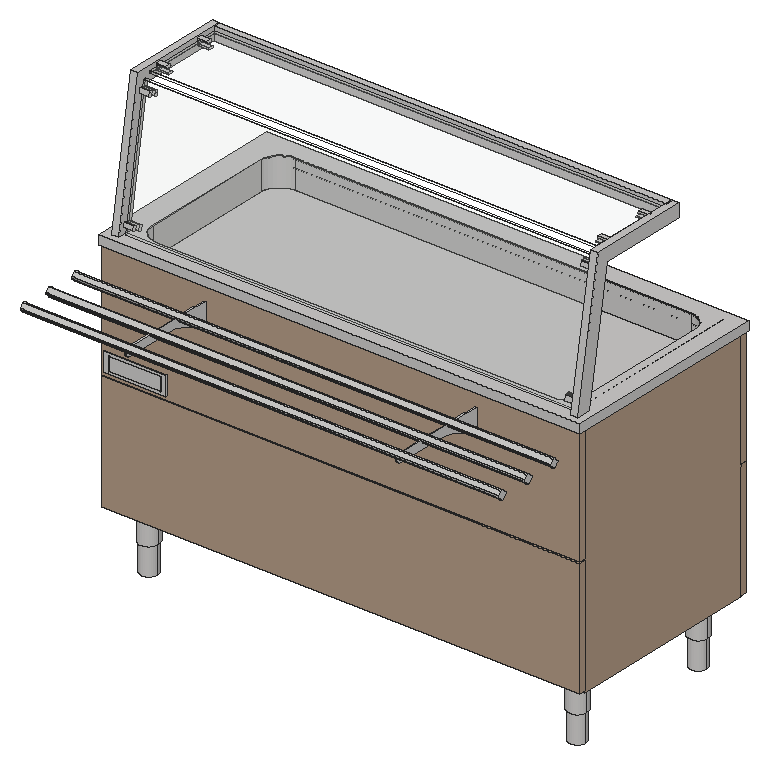
Revit family "QF_ELECTROLUXPROFESSIONAL_322098_F14C4AF01W", category Specialty Equipment, Revit 2018
Family settings
  Round Connector Dimension = Use Diameter
  Part Type = Normal
  Work Plane-Based = No
  Always vertical = Yes
  Cut with Voids When Loaded = No
  Shared = No
  Room Calculation Point = No
Parameters (values of type "Standard")
  Weight = 145.50 kg
  Watts = 0 W
  Volts = 220 V
  URL Manufacturer = "http://professional.electrolux.com"
  URL = "http://professional.electrolux.com"
  Steam Supply Size = 0 mm
  Steam Supply Minimum Pressure = 0.0 Pa
  Steam Supply Maximum Pressure = 0.0 Pa
  Steam Pounds per Hour = 0
  Show Clearance [instance] = yes
  Refrigeration Suction Line Size = 0 mm
  Refrigeration Liquid Line Size = 0 mm
  Refrigerant Compressor Remote = yes
  Manufacturer = "Electrolux Professional"
  Phase = 1
  Model = "F14C4AF01W"
  Length Actual = 1420 mm  # constant formula
  Item Number = "322098"
  Hot Water Size = 0 mm
  Height Actual = 1304 mm  # constant formula
  HP = "0 HP"
  Gas Size = 0 mm
  Gas KW = 0
  Gas Input Pressure = 0 W
  Direct Waste Size = 0 mm
  Description = "REFRIGERATED S/S SURFACE, 4GN H=900MM OVERSHELF W/LED LIGHTS"
  Depth Actual = 915 mm  # constant formula
  Cycle = 50 Hz
  Condensate Return Size = 0 mm
  Compressed Air Volume = 0.0 L/s
  Compressed Air Size = 0 mm
  Compressed Air Pressure = 0.0 Pa
  Cold Water Size = 0 mm
  Accessory = yes
Types (2, lengths in mm): name | URL | Manufacturer | Phase | Model | Description
  (no name) | 0 | 0 | 0 | 0 | 0
  Standard | "http://professional.electrolux.com" | "Electrolux Professional" | 1 | "F14C4AF01W" | "REFRIGERATED S/S SURFACE, 4GN H=900MM OVERSHELF W/LED LIGHTS"
Values of the unnamed type that differ from the named types
  Volts = 0 V
  URL Manufacturer = ""
  Item Number = ""
  Cycle = 0 Hz
Reference planes
  plane 1 "Centro (Fronte/Retro)": y = 74.737
  plane 2: z = 0
  plane 3 "BACK": y = 384.737
  plane 4 "FRONT": y = -235.263
  plane 5: z = 900
  plane 6 "RIGHT": x = 195.731
  plane 7 "LEFT": x = -1224.269
  plane 8: x = -514.269
  plane 9: y = 664.737
  plane 10: y = -530.02
  plane 11: z = 178
  plane 12: z = 1304
  plane 13: z = 1222
  plane 14: y = 297.737
  plane 15: y = -148.263
  plane 16: x = -1146.269
  plane 17: x = 117.731
  plane 18: x = -1220.269
  plane 19: y = -231.263
  plane 20: x = 191.731
  plane 21: y = 380.737
  plane 22: z = 874
  plane 23: y = 362.737
  plane 24: y = -213.263
  plane 25: z = 182
  plane 26: z = 527
  plane 27: z = 531
  plane 28: x = -112.269
  plane 29: x = -916.269
  plane 30: x = -1202.269
  plane 31: x = 173.731
  plane 32: x = 153.731
  plane 33: x = -1182.269
  plane 34: x = -1174.269
  plane 35: x = 145.731
  plane 36: y = 130.237
  plane 37: y = 19.237
  plane 38: y = 33.237
  plane 39: y = 116.237
  plane 40: x = -1112.269
  plane 41: x = 90.731
Forms (mm)
  Extrusion 1, solid, material "QF_Finishes_Wood"
    sketch origin (0, 0, 0) x (1, 0, 0) y (0, 1, 0)
      loop
        line (-1220.269, 362.737) -> (-1220.269, -213.263) -> (191.731, -213.263) -> (191.731, 362.737) -> (-1220.269, 362.737)
    from 178 to 874
  Extrusion 2, solid, material "QF_Finishes_Wood"
    sketch origin (191.731, 362.737, 0) x (0, -1, 0) y (0, 0, -1)
      loop
        line (576, -182) -> (576, -527) -> (594, -527) -> (594, -182) -> (576, -182)
      loop
        line (576, -531) -> (576, -874) -> (594, -874) -> (594, -531) -> (576, -531)
    from 0 to -1412
  Extrusion 3, solid, material "QF_Finishes_Wood"
    sketch origin (191.731, -213.263, 0) x (0, 1, 0) y (0, 0, 1)
      loop
        line (576, 531) -> (594, 531) -> (594, 874) -> (576, 874) -> (576, 531)
    from 0 to -1412
  Extrusion 4, solid, material "QF_Finishes_Stainless Steel"
    sketch origin (0, 0, 0) x (1, 0, 0) y (0, 1, 0)
      loop
        line (-1224.269, 384.737) -> (-1224.269, -235.263) -> (195.731, -235.263) -> (195.731, 384.737) -> (-1224.269, 384.737)
    from 874 to 900
  Extrusion 5, solid, material "QF_Finishes_Stainless Steel"
    sketch origin (-117.269, 362.737, 0) x (0, -1, 0) y (0, 0, -1)
      loop
        arc (628.84, -832.7) -> (632.082, -833.911) -> (635.519, -834.32) r 14.5
        line (635.519, -834.32) -> (675.715, -834.32) -> (689.858, -820.177) -> (704, -834.32) -> (770.715, -834.32) -> (784.858, -820.177) -> (799, -834.32) -> (865.716, -834.32) -> (879.858, -820.177) -> (887.686, -828.005) -> (887.686, -821.352)
        arc (887.686, -821.352) -> (887.303, -819.435) -> (886.214, -817.81) r 4.999
        line (886.214, -817.81) -> (881.179, -812.776)
        arc (881.179, -812.776) -> (879.559, -811.698) -> (877.651, -811.32) r 5
        line (877.651, -811.32) -> (732.206, -811.32)
        arc (732.206, -811.32) -> (708.662, -809.221) -> (685.86, -802.991) r 133.106
        line (685.86, -802.991) -> (638.285, -785.32) -> (597.679, -770.12) -> (594, -770.12) -> (594, -832.7) -> (628.84, -832.7)
    from 0 to 5
  Extrusion 6, void
    sketch origin (0, 0, 0) x (1, 0, 0) y (0, 1, 0)
      loop
        arc (-1099.269, 330.737) -> (-1138.867, 314.335) -> (-1155.269, 274.737) r 56
        line (-1155.269, 274.737) -> (-1155.269, -125.263)
        arc (-1155.269, -125.263) -> (-1138.867, -164.861) -> (-1099.269, -181.263) r 56
        line (-1099.269, -181.263) -> (70.731, -181.263)
        arc (70.731, -181.263) -> (110.329, -164.861) -> (126.731, -125.263) r 56
        line (126.731, -125.263) -> (126.731, 274.737)
        arc (126.731, 274.737) -> (110.329, 314.335) -> (70.731, 330.737) r 56
        line (70.731, 330.737) -> (-1099.269, 330.737)
    from 812.776 to 900
  Extrusion 7, solid, material "QF_Finishes_Wood"
    sketch origin (419.731, -213.263, -348) x (0, 1, 0) y (0, 0, 1)
      loop
        line (576, 530) -> (594, 530) -> (594, 875) -> (576, 875) -> (576, 530)
    from -228 to -383
  Extrusion 8, solid, material "QF_Finishes_Wood"
    sketch origin (-234.269, -213.263, -348) x (0, 1, 0) y (0, 0, 1)
      loop
        line (576, 530) -> (594, 530) -> (594, 875) -> (576, 875) -> (576, 530)
    from -831.045 to -986
  Extrusion 9, solid, material "QF_Finishes_Stainless Steel"
    sketch origin (-916.269, 362.737, 0) x (0, -1, 0) y (0, 0, -1)
      loop
        arc (628.84, -832.7) -> (632.082, -833.911) -> (635.519, -834.32) r 14.5
        line (635.519, -834.32) -> (675.715, -834.32) -> (689.858, -820.177) -> (704, -834.32) -> (770.715, -834.32) -> (784.858, -820.177) -> (799, -834.32) -> (865.716, -834.32) -> (879.858, -820.177) -> (887.686, -828.005) -> (887.686, -821.352)
        arc (887.686, -821.352) -> (887.303, -819.435) -> (886.214, -817.81) r 4.999
        line (886.214, -817.81) -> (881.179, -812.776)
        arc (881.179, -812.776) -> (879.559, -811.698) -> (877.651, -811.32) r 5
        line (877.651, -811.32) -> (732.206, -811.32)
        arc (732.206, -811.32) -> (708.662, -809.221) -> (685.86, -802.991) r 133.106
        line (685.86, -802.991) -> (638.285, -785.32) -> (597.679, -770.12) -> (594, -770.12) -> (594, -832.7) -> (628.84, -832.7)
    from 0 to 5
  Extrusion 10, solid, material "QF_Finishes_Stainless Steel"
    sketch origin (191.731, 362.737, 0) x (0, -1, 0) y (0, 0, -1)
      loop
        line (881.983, -846.337) -> (891.875, -836.445)
        arc (891.875, -836.445) -> (892.757, -834.322) -> (891.879, -832.198) r 3
        line (891.879, -832.198) -> (881.979, -822.299)
        arc (881.979, -822.299) -> (879.858, -821.42) -> (877.737, -822.299) r 3
        line (877.737, -822.299) -> (867.837, -832.198)
        arc (867.837, -832.198) -> (866.958, -834.32) -> (867.837, -836.441) r 3
        line (867.837, -836.441) -> (877.737, -846.34)
        arc (877.737, -846.34) -> (879.86, -847.219) -> (881.983, -846.337) r 3
      loop
        line (786.979, -846.34) -> (796.879, -836.441)
        arc (796.879, -836.441) -> (797.757, -834.32) -> (796.879, -832.198) r 3
        line (796.879, -832.198) -> (786.979, -822.299)
        arc (786.979, -822.299) -> (784.858, -821.42) -> (782.737, -822.299) r 3
        line (782.737, -822.299) -> (772.837, -832.198)
        arc (772.837, -832.198) -> (771.958, -834.317) -> (772.833, -836.437) r 3
        line (772.833, -836.437) -> (782.741, -846.345)
        arc (782.741, -846.345) -> (784.861, -847.219) -> (786.979, -846.34) r 3
      loop
        line (691.976, -846.343) -> (701.882, -836.438)
        arc (701.882, -836.438) -> (702.757, -834.318) -> (701.879, -832.198) r 3
        line (701.879, -832.198) -> (691.979, -822.299)
        arc (691.979, -822.299) -> (689.858, -821.42) -> (687.737, -822.299) r 3
        line (687.737, -822.299) -> (677.837, -832.198)
        arc (677.837, -832.198) -> (676.958, -834.32) -> (677.837, -836.441) r 3
        line (677.837, -836.441) -> (687.737, -846.34)
        arc (687.737, -846.34) -> (689.856, -847.219) -> (691.976, -846.343) r 3
    from 0 to -1412
  Extrusion 11, solid, material "QF_Finishes_Stainless Steel"
    sketch origin (191.731, 362.737, 0) x (0, -1, 0) y (0, 0, -1)
      loop
        line (206.477, -1264.379) -> (206.477, -1304) -> (507.108, -1304) -> (578.344, -900) -> (537.727, -900) -> (473.477, -1264.379) -> (206.477, -1264.379)
    from -18 to -38
  Extrusion 12, solid, material "QF_Finishes_Stainless Steel"
    sketch origin (-895.269, 362.737, 0) x (0, -1, 0) y (0, 0, 1)
      loop
        line (206.477, 1264.379) -> (473.477, 1264.379) -> (537.727, 900) -> (578.344, 900) -> (507.108, 1304) -> (206.477, 1304) -> (206.477, 1264.379)
    from 307 to 287
  Extrusion 13, solid, material "QF_Finishes_Glass"
    sketch origin (-133.269, -231.263, 531) x (0, 0, 1) y (-1, 0, 0)
      loop
        line (757.879, -279) -> (765.879, -279) -> (765.879, 1041) -> (757.879, 1041) -> (757.879, -279)
    from -361.5 to -120.204
  Extrusion 14, solid, material "QF_Finishes_Stainless Steel"
    sketch origin (0, 0, 0) x (1, 0, 0) y (0, 1, 0)
      loop
        line (-1182.269, 156.26) -> (-1182.269, 136.26) -> (153.731, 136.26) -> (153.731, 156.26) -> (-1182.269, 156.26)
    from 1264.379 to 1304
  Extrusion 15, solid, material "QF_Finishes_Glass"
    sketch origin (-133.269, 362.737, 0) x (0, -1, 0) y (0, 0, -1)
      loop
        line (494.569, -1282.974) -> (562.097, -900) -> (553.974, -900) -> (486.445, -1282.974) -> (494.569, -1282.974)
    from 279 to -1041
  Extrusion 16, solid, material "QF_Finishes_Wood"
    sketch origin (314.688, -213.263, -348) x (0, 1, 0) y (0, 0, 1)
      loop
        line (576, 530) -> (594, 530) -> (594, 875) -> (576, 875) -> (576, 530)
    from -277.956 to -828.956
  Extrusion 17, solid, material "QF_Finishes_Stainless Steel"
    sketch origin (-308.144, -64.263, 531) x (0, 0, 1) y (-1, 0, 0)
      loop
        line (765.879, 841.5) -> (770.879, 843.5) -> (770.879, 874.125) -> (750.879, 874.125) -> (750.879, 866) -> (751.974, 866) -> (751.974, 835.938) -> (755.879, 837.5) -> (755.879, 867) -> (765.879, 867) -> (765.879, 841.5)
    from 0 to 14
  Extrusion 18, solid, material "QF_Finishes_Stainless Steel"
    sketch origin (-308.144, 85.737, 531) x (0, 0, 1) y (-1, 0, 0)
      loop
        line (765.879, 841.5) -> (770.879, 843.5) -> (770.879, 874.125) -> (750.879, 874.125) -> (750.879, 866) -> (751.974, 866) -> (751.974, 835.938) -> (755.879, 837.5) -> (755.879, 867) -> (765.879, 867) -> (765.879, 841.5)
    from 0 to 14
  Extrusion 19, solid, material "QF_Finishes_Stainless Steel"
    sketch origin (-720.394, -64.263, 531) x (0, 0, 1) y (-1, 0, 0)
      loop
        line (765.879, -841.5) -> (765.879, -867) -> (755.879, -867) -> (755.879, -837.5) -> (751.974, -835.938) -> (751.974, -866) -> (750.879, -866) -> (750.879, -874.125) -> (770.879, -874.125) -> (770.879, -843.5) -> (765.879, -841.5)
    from 0 to 14
  Extrusion 20, solid, material "QF_Finishes_Stainless Steel"
    sketch origin (-720.394, 85.737, 531) x (0, 0, 1) y (-1, 0, 0)
      loop
        line (765.879, -841.5) -> (765.879, -867) -> (755.879, -867) -> (755.879, -837.5) -> (751.974, -835.938) -> (751.974, -866) -> (750.879, -866) -> (750.879, -874.125) -> (770.879, -874.125) -> (770.879, -843.5) -> (765.879, -841.5)
    from 0 to 14
  Extrusion 21, solid, material "QF_Finishes_Stainless Steel"
    sketch origin (-720.394, 619.458, 1129.907) x (0, -0.984808, 0.173648) y (-1, 0, 0)
      loop
        line (765.879, -841.5) -> (765.879, -867) -> (755.879, -867) -> (755.879, -837.5) -> (751.974, -835.938) -> (751.974, -866) -> (750.879, -866) -> (750.879, -874.125) -> (770.879, -874.125) -> (770.879, -843.5) -> (765.879, -841.5)
    from 0 to 14
  Extrusion 22, solid, material "QF_Finishes_Stainless Steel"
    sketch origin (-308.144, 619.458, 1129.907) x (0, -0.984808, 0.173648) y (-1, 0, 0)
      loop
        line (765.879, 841.5) -> (770.879, 843.5) -> (770.879, 874.125) -> (750.879, 874.125) -> (750.879, 866) -> (751.974, 866) -> (751.974, 835.938) -> (755.879, 837.5) -> (755.879, 867) -> (765.879, 867) -> (765.879, 841.5)
    from 0 to 14
  Extrusion 23, solid, material "QF_Finishes_Stainless Steel"
    sketch origin (-720.394, 562.154, 799.389) x (0, -0.984808, 0.173648) y (-1, 0, 0)
      loop
        line (765.879, -841.5) -> (765.879, -867) -> (755.879, -867) -> (755.879, -837.5) -> (751.974, -835.938) -> (751.974, -866) -> (750.879, -866) -> (750.879, -874.125) -> (770.879, -874.125) -> (770.879, -843.5) -> (765.879, -841.5)
    from 0 to 14
  Extrusion 24, solid, material "QF_Finishes_Stainless Steel"
    sketch origin (-308.144, 562.154, 799.389) x (0, -0.984808, 0.173648) y (-1, 0, 0)
      loop
        line (765.879, 841.5) -> (770.879, 843.5) -> (770.879, 874.125) -> (750.879, 874.125) -> (750.879, 866) -> (751.974, 866) -> (751.974, 835.938) -> (755.879, 837.5) -> (755.879, 867) -> (765.879, 867) -> (765.879, 841.5)
    from 0 to 14
  Extrusion 25, solid, material "QF_Finishes_Wood"
    sketch origin (-236.312, -213.263, -348) x (0, 1, 0) y (0, 0, 1)
      loop
        line (576, 530) -> (594, 530) -> (594, 875) -> (576, 875) -> (576, 530)
    from -277.956 to -828.956
  Extrusion 26, solid, material "QF_Door-Drawer Clearances", visible <- "Show Clearance"
    sketch origin (-1028.537, -4, 0) x (-1, 0, 0) y (0, -1, 0)
      loop
        arc (-514.269, -384.737) -> (-496.592, -527.741) -> (-441.747, -660.987) r 540.292
        line (-441.747, -660.987) -> (36.731, -384.737) -> (-514.269, -384.737)
    from 182 to 527
  Extrusion 27, solid, material "QF_Finishes_Stainless Steel"
    sketch origin (-1353.537, 0, 0) x (-1, 0, 0) y (0, -1, 0)
      loop
        circle (-196.269, -124.737) r 10
    from 178 to 166
  Extrusion 28, solid, material "QF_Door-Drawer Clearances", visible <- "Show Clearance"
    sketch origin (0, -4, 0) x (1, 0, 0) y (0, 1, 0)
      loop
        line (-514.269, 384.737) -> (36.731, 384.737) -> (-441.747, 660.987)
        arc (-441.747, 660.987) -> (-496.592, 527.741) -> (-514.269, 384.737) r 540.292
    from 182 to 527
  Extrusion 29, solid, material "QF_Finishes_Stainless Steel"
    sketch origin (-1353.537, 149.474, 0) x (-1, 0, 0) y (0, -1, 0)
      loop
        circle (-196.269, 124.737) r 10
    from 178 to 166
Cuts and joins
  Extrusion 6 cuts Extrusion 1
  Extrusion 6 cuts Extrusion 4
Lines and regions (mm)
  symbolic lines
    curve 1: line (195.731, 384.737, 0) -> (195.731, -235.263, 0)
    curve 2: line (-1224.269, -235.263, 0) -> (-1224.269, 384.737, 0)
    curve 3: line (-1224.269, 384.737, 0) -> (195.731, 384.737, 0)
    curve 4: line (-1224.269, -235.263, 0) -> (195.731, -235.263, 0)
    curve 5: line (145.731, -64.263, 0) -> (145.731, 71.737, 0)
    curve 6: line (-1174.269, 71.737, 0) -> (-1174.269, -64.263, 0)
    curve 7: line (-1202.269, 156.26, 0) -> (173.731, 156.26, 0)
    curve 8: line (173.731, 156.26, 0) -> (173.731, -215.607, 0)
    curve 9: line (173.731, -215.607, 0) -> (153.731, -215.607, 0)
    curve 10: line (153.731, -215.607, 0) -> (153.731, 156.26, 0)
    curve 11: line (153.731, 136.26, 0) -> (-1182.269, 136.26, 0)
    curve 12: line (-1182.269, 156.26, 0) -> (-1182.269, -215.607, 0)
    curve 13: line (-1182.269, -215.607, 0) -> (-1202.269, -215.607, 0)
    curve 14: line (-1202.269, -215.607, 0) -> (-1202.269, 156.26, 0)
    curve 15: line (-1202.269, -144.371, 0) -> (-1182.269, -144.371, 0)
    curve 16: line (153.731, -144.371, 0) -> (173.731, -144.371, 0)
    curve 17: line (-1174.269, 130.237, 0) -> (-1174.269, 85.737, 0)
    curve 18: line (-1174.269, 130.237, 0) -> (145.731, 130.237, 0)
    curve 19: line (145.731, 130.237, 0) -> (145.731, 85.737, 0)
    curve 20: line (145.731, -78.263, 0) -> (145.731, -111.059, 0)
    curve 21: line (153.731, 85.737, 0) -> (121.231, 85.737, 0)
    curve 22: line (121.231, 85.737, 0) -> (121.231, 71.737, 0)
    curve 23: line (121.231, 71.737, 0) -> (153.731, 71.737, 0)
    curve 24: line (153.731, -64.263, 0) -> (121.231, -64.263, 0)
    curve 25: line (121.231, -64.263, 0) -> (121.231, -78.263, 0)
    curve 26: line (121.231, -78.263, 0) -> (153.731, -78.263, 0)
    curve 27: line (-1182.269, -64.263, 0) -> (-1149.769, -64.263, 0)
    curve 28: line (-1149.769, -64.263, 0) -> (-1149.769, -78.263, 0)
    curve 29: line (-1149.769, -78.263, 0) -> (-1182.269, -78.263, 0)
    curve 30: line (-1182.269, 85.737, 0) -> (-1149.769, 85.737, 0)
    curve 31: line (-1149.769, 85.737, 0) -> (-1149.769, 71.737, 0)
    curve 32: line (-1149.769, 71.737, 0) -> (-1182.269, 71.737, 0)
    curve 33: line (-1182.269, -142.14, 0) -> (-1151.769, -142.14, 0)
    curve 34: line (-1151.769, -142.14, 0) -> (-1151.769, -139.709, 0)
    curve 35: line (-1151.769, -139.709, 0) -> (-1182.269, -139.709, 0)
    curve 36: line (-1151.769, -142.14, 0) -> (-1149.769, -137.216, 0)
    curve 37: line (-1175.269, -134.785, 0) -> (-1149.769, -134.785, 0)
    curve 38: line (-1175.269, -134.785, 0) -> (-1175.269, -124.937, 0)
    curve 39: line (-1175.269, -124.937, 0) -> (-1174.269, -124.937, 0)
    curve 40: line (-1175.269, -127.368, 0) -> (-1174.269, -127.368, 0)
    curve 41: line (-1182.269, -120.013, 0) -> (-1174.269, -120.013, 0)
    curve 42: line (-1174.269, -120.013, 0) -> (-1174.269, -121.091, 0)
    curve 43: line (-1174.269, -121.091, 0) -> (-1144.207, -121.091, 0)
    curve 44: line (-1144.207, -121.091, 0) -> (-1144.207, -123.708, 0)
    curve 45: line (-1144.207, -121.091, 0) -> (-1145.269, -123.708, 0)
    curve 46: line (-1151.769, -139.709, 0) -> (-1149.769, -134.785, 0)
    curve 47: line (-1149.769, -134.785, 0) -> (-1149.769, -137.216, 0)
    curve 48: line (-1174.269, -123.708, 0) -> (-1174.269, -134.785, 0)
    curve 49: line (145.731, -131.831, 0) -> (145.731, -123.708, 0)
    curve 50: line (145.731, -123.708, 0) -> (-1174.269, -123.708, 0)
    curve 51: line (153.731, -142.14, 0) -> (123.231, -142.14, 0)
    curve 52: line (123.231, -142.14, 0) -> (123.231, -139.709, 0)
    curve 53: line (123.231, -139.709, 0) -> (153.731, -139.709, 0)
    curve 54: line (123.231, -142.14, 0) -> (121.231, -137.216, 0)
    curve 55: line (146.731, -134.785, 0) -> (121.231, -134.785, 0)
    curve 56: line (146.731, -134.785, 0) -> (146.731, -124.937, 0)
    curve 57: line (146.731, -124.937, 0) -> (145.731, -124.937, 0)
    curve 58: line (146.731, -127.368, 0) -> (145.731, -127.368, 0)
    curve 59: line (153.731, -120.013, 0) -> (145.731, -120.013, 0)
    curve 60: line (145.731, -120.013, 0) -> (145.731, -121.091, 0)
    curve 61: line (145.731, -121.091, 0) -> (115.669, -121.091, 0)
    curve 62: line (115.669, -121.091, 0) -> (115.669, -123.708, 0)
    curve 63: line (115.669, -121.091, 0) -> (116.732, -123.708, 0)
    curve 64: line (123.231, -139.709, 0) -> (121.231, -134.785, 0)
    curve 65: line (121.231, -134.785, 0) -> (121.231, -137.216, 0)
    curve 66: line (145.731, -123.708, 0) -> (145.731, -134.785, 0)
    curve 67: line (-1174.269, -142.14, 0) -> (-1174.269, -192.089, 0)
    curve 68: line (-1174.269, -177.317, 0) -> (-1182.269, -177.317, 0)
    curve 69: line (-1174.269, -182.241, 0) -> (-1175.269, -182.241, 0)
    curve 70: line (-1175.269, -184.672, 0) -> (-1174.269, -184.672, 0)
    curve 71: line (-1175.269, -182.241, 0) -> (-1175.269, -192.089, 0)
    curve 72: line (-1175.269, -192.089, 0) -> (-1149.779, -192.089, 0)
    curve 73: line (-1151.769, -197.013, 0) -> (-1149.779, -192.089, 0)
    curve 74: line (-1149.779, -192.089, 0) -> (-1149.779, -194.52, 0)
    curve 75: line (-1151.769, -199.444, 0) -> (-1149.779, -194.52, 0)
    curve 76: line (-1151.769, -197.013, 0) -> (-1151.769, -199.444, 0)
    curve 77: line (-1182.269, -199.444, 0) -> (-1151.769, -199.444, 0)
    curve 78: line (-1151.769, -197.013, 0) -> (-1182.269, -197.013, 0)
    curve 79: line (145.731, -177.317, 0) -> (153.731, -177.317, 0)
    curve 80: line (145.731, -182.241, 0) -> (146.731, -182.241, 0)
    curve 81: line (146.731, -184.672, 0) -> (145.731, -184.672, 0)
    curve 82: line (146.731, -182.241, 0) -> (146.731, -192.089, 0)
    curve 83: line (146.731, -192.089, 0) -> (121.242, -192.089, 0)
    curve 84: line (123.231, -197.013, 0) -> (121.242, -192.089, 0)
    curve 85: line (121.242, -192.089, 0) -> (121.242, -194.52, 0)
    curve 86: line (123.231, -199.444, 0) -> (121.242, -194.52, 0)
    curve 87: line (123.231, -197.013, 0) -> (123.231, -199.444, 0)
    curve 88: line (153.731, -199.444, 0) -> (123.231, -199.444, 0)
    curve 89: line (123.231, -197.013, 0) -> (153.731, -197.013, 0)
    curve 90: line (-1151.735, -199.36, 0) -> (123.197, -199.36, 0)
    curve 91: line (-1174.269, -78.263, 0) -> (-1174.269, -111.059, 0)
    curve 92: line (-1174.269, -111.059, 0) -> (145.731, -111.059, 0)
    curve 93: line (-1174.269, -131.831, 0) -> (145.731, -131.831, 0)
    curve 94: line (145.731, -142.14, 0) -> (145.731, -192.089, 0)
    curve 95: line (125.681, 136.26, 0) -> (125.681, 130.237, 0)
    curve 96: line (-1154.219, 136.26, 0) -> (-1154.219, 130.237, 0)
    curve 97: line (-1224.269, -235.263, 0) -> (-1224.269, -530.02, 0)
    curve 98: line (-1224.269, -530.02, 0) -> (195.731, -530.02, 0)
    curve 99: line (195.731, -530.02, 0) -> (195.731, -235.263, 0)
  symbolic lines, style "QF_Door-Drawer Clearances"
    curve 100: line (-586.79, 656.987, 0) -> (-1058.34, 384.737, 0)
    curve 101: arc (-514.24, 384.737, 0) -> (-532.456, 525.674, 0) -> (-586.79, 656.987, 0) r 540.292
    curve 102: arc (-441.747, 656.987, 0) -> (-496.081, 525.674, 0) -> (-514.297, 384.737, 0) r 540.292
    curve 103: line (29.803, 384.737, 0) -> (-441.747, 656.987, 0)
    curve 104: line (-10.197, 384.737, 0) -> (-451.747, 639.666, 0)
    curve 105: line (-576.79, 639.666, 0) -> (-1018.34, 384.737, 0)
  symbolic lines, style "SpecialityEquipmentHiddenLines"
    curve 106: arc (125.731, 274.737, 0) -> (109.622, 313.628, 0) -> (70.731, 329.737, 0) r 55
    curve 107: line (125.731, -125.263, 0) -> (125.731, 274.737, 0)
    curve 108: line (70.731, 329.737, 0) -> (-1099.269, 329.737, 0)
    curve 109: arc (-1099.269, 329.737, 0) -> (-1138.16, 313.628, 0) -> (-1154.269, 274.737, 0) r 55
    curve 110: line (-1154.269, 274.737, 0) -> (-1154.269, -125.263, 0)
    curve 111: arc (-1154.269, -125.263, 0) -> (-1138.16, -164.154, 0) -> (-1099.269, -180.263, 0) r 55
    curve 112: line (-1099.269, -180.263, 0) -> (70.731, -180.263, 0)
    curve 113: arc (70.731, -180.263, 0) -> (109.622, -164.154, 0) -> (125.731, -125.263, 0) r 55
Dimensions and locks
  plane 7 "LEFT" to plane 6 "RIGHT" = 1420 mm
  equal spacing: plane 3 "BACK", plane 1 "Centro (Fronte/Retro)", plane 4 "FRONT"
  plane 3 "BACK" to plane 4 "FRONT" = 620 mm
  equal spacing: plane 7 "LEFT", plane 8, plane 6 "RIGHT"
  locked: plane 9 to plane 3 "BACK" at 280
  locked: plane 4 "FRONT" to plane 10 at 294.757
  locked: plane 11 to plane 2 at 178
  locked: plane 5 to plane 2 at 900
  locked: plane 12 to plane 2 at 1304
  locked: plane 13 to plane 2 at 1222
  locked: plane 3 "BACK" to plane 14 at 87
  locked: plane 7 "LEFT" to plane 16 at 78
  locked: plane 17 to plane 6 "RIGHT" at 78
  locked: plane 15 to plane 4 "FRONT" at 87
  locked: plane 3 "BACK" to plane 21 at 4
  locked: plane 7 "LEFT" to plane 18 at 4
  locked: plane 20 to plane 6 "RIGHT" at 4
  locked: plane 19 to plane 4 "FRONT" at 4
  locked: plane 5 to plane 22 at 26
  locked: plane 24 to plane 19 at 18
  locked: plane 21 to plane 23 at 18
  plane 20 to plane 28 = 304 mm
  plane 29 to plane 18 = 304 mm
  equal spacing: plane 30, plane 8, plane 31
  plane 30 to plane 31 = 1376 mm
  locked: plane 30 to plane 33 at 20
  locked: plane 32 to plane 31 at 20
  equal spacing: plane 34, plane 8, plane 35
  plane 34 to plane 35 = 1320 mm
  equal spacing: plane 36, plane 1 "Centro (Fronte/Retro)", plane 37
  plane 36 to plane 37 = 111 mm
  locked: plane 36 to plane 39 at 14
  locked: plane 38 to plane 37 at 14
  locked: plane 41 to plane 6 "RIGHT" at 105
  locked: plane 7 "LEFT" to plane 40 at 112
  plane 16 to plane 7 "LEFT" = 78 mm
  plane 6 "RIGHT" to plane 17 = 78 mm
  plane 31 to plane 30 = 1376 mm
  angle Extrusion 25 to Extrusion 26 sketch curve = 30.00°
  aligned and locked: level to plane 2
  aligned and locked: Extrusion 1 sketch curve to plane 23
  aligned and locked: plane 18 to Extrusion 1 sketch curve
  aligned and locked: plane 24 to Extrusion 1 sketch curve
  aligned and locked: Extrusion 1 sketch curve to plane 20
  aligned and locked: Extrusion 1 to plane 22
  aligned and locked: Extrusion 1 to plane 11
  aligned and locked: plane 25 to Extrusion 2 sketch curve
  aligned and locked: Extrusion 2 sketch curve to plane 24  (x2)
  aligned and locked: Extrusion 2 sketch curve to plane 26
  aligned and locked: plane 19 to Extrusion 2 sketch curve  (x2)
  aligned and locked: plane 27 to Extrusion 2 sketch curve
  aligned and locked: Extrusion 2 sketch curve to plane 22
  aligned and locked: Extrusion 2 to plane 18
  aligned and locked: Extrusion 3 to plane 18
  aligned and locked: Extrusion 4 sketch curve to plane 3 "BACK"
  aligned and locked: plane 7 "LEFT" to Extrusion 4 sketch curve
  aligned and locked: plane 4 "FRONT" to Extrusion 4 sketch curve
  aligned and locked: Extrusion 4 sketch curve to plane 6 "RIGHT"
  aligned and locked: Extrusion 4 to plane 22
  aligned and locked: plane 20 to Extrusion 7
  aligned and locked: Extrusion 8 to plane 18
  aligned and locked: Extrusion 7 to plane 25
  aligned and locked: Extrusion 8 to plane 25
  aligned and locked: plane 16 to nested 1
  aligned and locked: plane 17 to nested 2
  aligned and locked: nested 2 to plane 15
  aligned and locked: nested 1 to plane 15
  aligned and locked: nested 3 to plane 14
  aligned and locked: plane 16 to nested 4
  aligned and locked: plane 20 to Extrusion 10
  aligned and locked: Extrusion 10 to plane 18
  aligned and locked: nested 4 to plane 14
  aligned and locked: Extrusion 11 to plane 31
  aligned and locked: Extrusion 11 to plane 32
  aligned and locked: plane 33 to Extrusion 12
  aligned and locked: Extrusion 12 to plane 30
  aligned and locked: Extrusion 14 sketch curve to plane 32
  aligned and locked: plane 33 to Extrusion 14 sketch curve
  aligned and locked: Extrusion 14 to Extrusion 11
  aligned and locked: Extrusion 15 to plane 34
  aligned and locked: plane 35 to Extrusion 15
  aligned and locked: Extrusion 13 sketch curve to plane 35
  aligned and locked: plane 34 to Extrusion 13 sketch curve
  aligned and locked: plane 17 to nested 3
Automatic sketch dimensions
  curve 98 to plane 7 "LEFT" = 0 mm
  curve 13 to plane 30 = 0 mm
  curve 41 to plane 33 = 0 mm
  curve 40 to plane 34 = 0 mm
  curve 6 to plane 34 = 0 mm
  curve 18 to plane 34 = 0 mm
  curve 70 to plane 34 = 0 mm
  curve 91 to plane 34 = 0 mm
  curve 96 to plane 36 = 0 mm
  curve 100 to plane 3 "BACK" = 0 mm
  curve 94 to plane 35 = 0 mm
  curve 49 to plane 35 = 0 mm
  curve 5 to plane 35 = 0 mm
  curve 20 to plane 35 = 0 mm
  curve 18 to plane 35 = 0 mm
  curve 23 to plane 32 = 0 mm
  curve 7 to plane 31 = 0 mm
  curve 99 to plane 4 "FRONT" = 0 mm
  curve 99 to plane 6 "RIGHT" = 0 mm
  curve 97 to plane 10 = 0 mm
  curve 71 to plane 34 = 1 mm
  curve 38 to curve 39 = 1 mm
  curve 43 to plane 34 = 0 mm
  curve 110 to plane 16 = 8 mm
  curve 34 to plane 16 = 5.5 mm
  curve 77 to plane 16 = 5.5 mm
  curve 73 to plane 16 = 3.511 mm
  curve 34 to curve 47 = 2 mm
  curve 30 to plane 16 = 3.5 mm
  curve 28 to plane 16 = 3.5 mm
  plane 16 to curve 45 = 2.062 mm
  curve 112 to plane 40 = 13 mm
  curve 108 to plane 40 = 13 mm
  plane 3 "BACK" to curve 101 = 1.815 mm
  curve 101 to plane 40 = 57.739 mm
  curve 100 to plane 9 = 7.75 mm
  curve 100 to plane 8 = 72.521 mm
  curve 103 to plane 9 = 7.75 mm
  plane 8 to curve 103 = 72.521 mm
  plane 3 "BACK" to curve 102 = 1.815 mm
  plane 41 to curve 102 = 64.739 mm
  plane 41 to curve 112 = 20 mm
  plane 41 to curve 106 = 20 mm
  curve 61 to plane 17 = 2.062 mm
  plane 17 to curve 25 = 3.5 mm
  plane 17 to curve 21 = 3.5 mm
  plane 17 to curve 65 = 3.5 mm
  plane 17 to curve 85 = 3.511 mm
  curve 85 to curve 84 = 1.989 mm
  curve 54 to curve 52 = 2 mm
  plane 17 to curve 107 = 8 mm
  plane 35 to curve 60 = 0 mm
  plane 35 to curve 56 = 1 mm
  curve 80 to curve 80 = 1 mm
  curve 13 to plane 24 = 2.344 mm
  curve 10 to plane 24 = 2.344 mm
  plane 24 to curve 87 = 13.819 mm
  plane 24 to curve 77 = 13.819 mm
  curve 75 to curve 78 = 2.431 mm
  curve 86 to curve 89 = 2.431 mm
  curve 84 to curve 86 = 2.493 mm
  curve 73 to curve 75 = 2.493 mm
  curve 89 to curve 83 = 4.924 mm
  curve 74 to curve 73 = 2.431 mm
  curve 82 to curve 80 = 9.848 mm
  curve 71 to curve 69 = 9.848 mm
  curve 112 to plane 15 = 32 mm
  plane 15 to curve 52 = 6.122 mm
  plane 15 to curve 36 = 6.122 mm
  curve 33 to curve 35 = 2.431 mm
  curve 51 to curve 52 = 2.431 mm
  curve 34 to curve 36 = 2.493 mm
  curve 52 to curve 65 = 2.493 mm
  curve 36 to curve 46 = 2.431 mm
  curve 94 to curve 55 = 7.355 mm
  curve 66 to curve 93 = 2.954 mm
  curve 93 to curve 39 = 6.894 mm
  curve 49 to curve 57 = 6.894 mm
  curve 57 to curve 49 = 1.229 mm
  curve 48 to curve 43 = 2.617 mm
  curve 62 to curve 62 = 2.617 mm
  curve 42 to curve 41 = 1.078 mm
  curve 60 to curve 60 = 1.078 mm
  curve 41 to curve 91 = 8.954 mm
  curve 20 to curve 25 = 32.796 mm
  curve 91 to curve 29 = 32.796 mm
  curve 28 to curve 28 = 14 mm
  curve 25 to curve 25 = 14 mm
  plane 1 "Centro (Fronte/Retro)" to curve 22 = 3 mm
  plane 1 "Centro (Fronte/Retro)" to curve 32 = 3 mm
  curve 30 to plane 1 "Centro (Fronte/Retro)" = 11 mm
  curve 21 to plane 1 "Centro (Fronte/Retro)" = 11 mm
  plane 36 to curve 14 = 26.023 mm
  curve 109 to plane 14 = 23 mm
  curve 96 to plane 16 = 7.95 mm
  curve 75 to curve 90 = 0.034 mm
  plane 16 to curve 45 = 0.999 mm
  curve 100 to curve 101 = 3.811 mm
  curve 101 to curve 105 = 36.189 mm
  curve 105 to plane 9 = 25.071 mm
  curve 101 to curve 105 = 10 mm
  curve 104 to plane 9 = 25.071 mm
  curve 104 to curve 102 = 10 mm
  curve 104 to curve 102 = 36.189 mm
  curve 102 to curve 103 = 3.811 mm
  curve 63 to plane 17 = 0.999 mm
  plane 17 to curve 95 = 7.95 mm
  curve 70 to curve 69 = 2.431 mm
  curve 81 to curve 80 = 2.431 mm
  curve 80 to curve 79 = 4.924 mm
  curve 69 to curve 68 = 4.924 mm
  curve 16 to curve 51 = 2.23 mm
  curve 15 to curve 33 = 2.23 mm
  curve 40 to curve 39 = 2.431 mm
  curve 58 to curve 57 = 2.431 mm
  plane 36 to curve 11 = 6.023 mm
  Extrusion 1 to Extrusion 3 sketch curve = 0 mm
  Extrusion 3 sketch curve to Extrusion 1 = 0 mm
  Extrusion 3 sketch curve to Extrusion 3 sketch curve = 18 mm
  Extrusion 3 sketch curve to Extrusion 3 sketch curve = 343 mm
  Extrusion 5 sketch curve to plane 19 = 0 mm
  plane 4 "FRONT" to Extrusion 5 sketch curve = 0.321 mm
  Extrusion 5 sketch curve to plane 4 "FRONT" = 30.84 mm
  Extrusion 5 sketch curve to Extrusion 5 sketch curve = 6.66 mm
  Extrusion 5 sketch curve to Extrusion 5 sketch curve = 6.678 mm
  Extrusion 5 sketch curve to Extrusion 5 sketch curve = 2.785 mm
  Extrusion 5 sketch curve to Extrusion 5 sketch curve = 40.197 mm
  Extrusion 5 sketch curve to Extrusion 5 sketch curve = 10.145 mm
  Extrusion 5 sketch curve to Extrusion 5 sketch curve = 3.998 mm
  Extrusion 5 sketch curve to plane 22 = 39.68 mm  (x3)
  Extrusion 5 sketch curve to Extrusion 5 sketch curve = 14.142 mm  (x3)
  Extrusion 5 sketch curve to Extrusion 5 sketch curve = 28.206 mm
  Extrusion 5 sketch curve to Extrusion 5 sketch curve = 38.51 mm
  Extrusion 5 sketch curve to Extrusion 5 sketch curve = 14.143 mm
  plane 10 to Extrusion 5 sketch curve = 27.042 mm
  plane 10 to Extrusion 5 sketch curve = 15.107 mm
  Extrusion 5 sketch curve to Extrusion 5 sketch curve = 2.207 mm
  Extrusion 5 sketch curve to Extrusion 5 sketch curve = 3.528 mm  (x2)
  Extrusion 5 sketch curve to Extrusion 5 sketch curve = 2.829 mm
  plane 10 to Extrusion 5 sketch curve = 5.072 mm
  Extrusion 5 sketch curve to Extrusion 5 sketch curve = 1.62 mm
  Extrusion 5 sketch curve to Extrusion 5 sketch curve = 6.314 mm
  Extrusion 5 sketch curve to Extrusion 5 sketch curve = 6.653 mm
  Extrusion 5 sketch curve to Extrusion 5 sketch curve = 1.175 mm
  Extrusion 5 sketch curve to Extrusion 5 sketch curve = 3.858 mm
  Extrusion 5 sketch curve to Extrusion 5 sketch curve = 3.543 mm
  Extrusion 5 sketch curve to Extrusion 5 sketch curve = 23 mm
  Extrusion 5 sketch curve to Extrusion 5 sketch curve = 17.187 mm
  Extrusion 5 sketch curve to Extrusion 5 sketch curve = 34.499 mm
  Extrusion 5 sketch curve to Extrusion 5 sketch curve = 15.2 mm
  Extrusion 5 sketch curve to Extrusion 5 sketch curve = 0 mm
  Extrusion 6 sketch curve to plane 16 = 9 mm
  Extrusion 6 sketch curve to plane 40 = 13 mm  (x2)
  plane 41 to Extrusion 6 sketch curve = 20 mm  (x2)
  plane 17 to Extrusion 6 sketch curve = 9 mm
  plane 24 to Extrusion 6 sketch curve = 32 mm
  Extrusion 6 sketch curve to plane 14 = 23 mm
  Extrusion 7 sketch curve to plane 23 = 0 mm
  Extrusion 7 sketch curve to plane 21 = 0 mm
  Extrusion 7 sketch curve to plane 25 = 0 mm
  Extrusion 7 sketch curve to plane 26 = 0 mm
  Extrusion 8 sketch curve to plane 23 = 0 mm
  Extrusion 8 sketch curve to plane 21 = 0 mm
  Extrusion 8 sketch curve to plane 25 = 0 mm
  Extrusion 8 sketch curve to plane 26 = 0 mm
  Extrusion 9 sketch curve to plane 19 = 0 mm
  plane 4 "FRONT" to Extrusion 9 sketch curve = 0.321 mm
  Extrusion 9 sketch curve to plane 4 "FRONT" = 30.84 mm
  Extrusion 9 sketch curve to Extrusion 9 sketch curve = 6.66 mm
  Extrusion 9 sketch curve to Extrusion 9 sketch curve = 6.678 mm
  Extrusion 9 sketch curve to Extrusion 9 sketch curve = 2.785 mm
  Extrusion 9 sketch curve to Extrusion 9 sketch curve = 40.197 mm
  Extrusion 9 sketch curve to Extrusion 9 sketch curve = 10.145 mm
  Extrusion 9 sketch curve to Extrusion 9 sketch curve = 3.998 mm
  Extrusion 9 sketch curve to plane 22 = 39.68 mm  (x3)
  Extrusion 9 sketch curve to Extrusion 9 sketch curve = 14.142 mm  (x3)
  Extrusion 9 sketch curve to Extrusion 9 sketch curve = 28.206 mm
  Extrusion 9 sketch curve to Extrusion 9 sketch curve = 38.51 mm
  Extrusion 9 sketch curve to Extrusion 9 sketch curve = 14.143 mm
  plane 10 to Extrusion 9 sketch curve = 27.042 mm
  plane 10 to Extrusion 9 sketch curve = 15.107 mm
  Extrusion 9 sketch curve to Extrusion 9 sketch curve = 2.207 mm
  Extrusion 9 sketch curve to Extrusion 9 sketch curve = 3.528 mm  (x2)
  Extrusion 9 sketch curve to Extrusion 9 sketch curve = 2.829 mm
  plane 10 to Extrusion 9 sketch curve = 5.072 mm
  Extrusion 9 sketch curve to Extrusion 9 sketch curve = 1.62 mm
  Extrusion 9 sketch curve to Extrusion 9 sketch curve = 6.314 mm
  Extrusion 9 sketch curve to Extrusion 9 sketch curve = 6.653 mm
  Extrusion 9 sketch curve to Extrusion 9 sketch curve = 1.175 mm
  Extrusion 9 sketch curve to Extrusion 9 sketch curve = 3.858 mm
  Extrusion 9 sketch curve to Extrusion 9 sketch curve = 3.543 mm
  Extrusion 9 sketch curve to Extrusion 9 sketch curve = 23 mm
  Extrusion 9 sketch curve to Extrusion 9 sketch curve = 17.187 mm
  Extrusion 9 sketch curve to Extrusion 9 sketch curve = 34.499 mm
  Extrusion 9 sketch curve to Extrusion 9 sketch curve = 15.2 mm
  Extrusion 9 sketch curve to Extrusion 9 sketch curve = 0 mm
  Extrusion 1 to Extrusion 10 sketch curve = 39.68 mm
  Extrusion 10 sketch curve to Extrusion 1 = 103.958 mm
  Extrusion 10 sketch curve to Extrusion 10 sketch curve = 9.899 mm  (x7)
  Extrusion 1 to Extrusion 10 sketch curve = 27.657 mm
  Extrusion 10 sketch curve to Extrusion 10 sketch curve = 2.118 mm  (x3)
  Extrusion 1 to Extrusion 10 sketch curve = 37.562 mm
  Extrusion 10 sketch curve to Extrusion 10 sketch curve = 2.124 mm  (x2)
  Extrusion 1 to Extrusion 10 sketch curve = 37.563 mm
  Extrusion 10 sketch curve to Extrusion 10 sketch curve = 70.951 mm
  Extrusion 1 to Extrusion 10 sketch curve = 41.802 mm  (x6)
  Extrusion 10 sketch curve to Extrusion 10 sketch curve = 0.004 mm
  Extrusion 10 sketch curve to Extrusion 10 sketch curve = 2.126 mm
  Extrusion 1 to Extrusion 10 sketch curve = 27.655 mm
  Extrusion 10 sketch curve to Extrusion 10 sketch curve = 9.908 mm
  Extrusion 10 sketch curve to Extrusion 10 sketch curve = 2.117 mm
  Extrusion 10 sketch curve to Extrusion 10 sketch curve = 9.9 mm  (x3)
  Extrusion 1 to Extrusion 10 sketch curve = 27.66 mm  (x3)
  Extrusion 10 sketch curve to Extrusion 10 sketch curve = 2.121 mm  (x16)
  Extrusion 1 to Extrusion 10 sketch curve = 37.559 mm  (x3)
  Extrusion 10 sketch curve to Extrusion 10 sketch curve = 70.958 mm
  Extrusion 10 sketch curve to Extrusion 10 sketch curve = 0 mm  (x12)
  Extrusion 1 to Extrusion 10 sketch curve = 51.701 mm  (x6)
  Extrusion 1 to Extrusion 10 sketch curve = 27.663 mm
  Extrusion 10 sketch curve to Extrusion 10 sketch curve = 2.125 mm
  Extrusion 1 to Extrusion 10 sketch curve = 37.555 mm
  Extrusion 1 to Extrusion 11 sketch curve = 206.477 mm
  Extrusion 1 to Extrusion 11 sketch curve = 102.523 mm
  Extrusion 11 sketch curve to Extrusion 11 sketch curve = 33.631 mm
  Extrusion 1 to Extrusion 11 sketch curve = 38.273 mm
  Extrusion 11 sketch curve to Extrusion 1 = 2.344 mm
  Extrusion 11 sketch curve to Extrusion 1 = 430 mm
  Extrusion 11 sketch curve to Extrusion 11 sketch curve = 39.621 mm
  Extrusion 11 sketch curve to Extrusion 1 = 26 mm
  Extrusion 12 sketch curve to plane 12 = 0 mm
  Extrusion 12 sketch curve to plane 5 = 0 mm
  plane 36 to Extrusion 12 sketch curve = 26.023 mm
  plane 15 to Extrusion 12 sketch curve = 37.523 mm
  plane 15 to Extrusion 12 sketch curve = 3.892 mm
  Extrusion 12 sketch curve to plane 15 = 26.727 mm
  Extrusion 12 sketch curve to plane 24 = 2.344 mm
  Extrusion 12 sketch curve to plane 12 = 39.621 mm
  Extrusion 13 sketch curve to plane 12 = 15.121 mm
  Extrusion 13 sketch curve to plane 12 = 7.121 mm
  plane 36 to Extrusion 14 sketch curve = 6.023 mm
  Extrusion 14 sketch curve to Extrusion 14 sketch curve = 20 mm
  Extrusion 15 sketch curve to plane 5 = 0 mm
  plane 15 to Extrusion 15 sketch curve = 24.555 mm
  Extrusion 15 sketch curve to Extrusion 15 sketch curve = 8.123 mm  (x2)
  plane 24 to Extrusion 15 sketch curve = 22.026 mm
  Extrusion 15 sketch curve to plane 12 = 21.026 mm
  Extrusion 16 sketch curve to plane 23 = 0 mm
  Extrusion 16 sketch curve to plane 21 = 0 mm
  Extrusion 16 sketch curve to plane 25 = 0 mm
  Extrusion 16 sketch curve to plane 26 = 0 mm
  Extrusion 17 sketch curve to plane 33 = 0 mm
  plane 34 to Extrusion 17 sketch curve = 0.125 mm
  Extrusion 17 sketch curve to plane 12 = 22.121 mm
  Extrusion 17 sketch curve to Extrusion 17 sketch curve = 1.095 mm
  plane 16 to Extrusion 17 sketch curve = 0.625 mm
  Extrusion 17 sketch curve to Extrusion 17 sketch curve = 3.905 mm
  Extrusion 17 sketch curve to plane 34 = 0.875 mm
  Extrusion 17 sketch curve to plane 12 = 7.121 mm
  Extrusion 17 sketch curve to plane 12 = 2.121 mm
  plane 16 to Extrusion 17 sketch curve = 2.187 mm
  Extrusion 17 sketch curve to plane 16 = 3.375 mm
  Extrusion 17 sketch curve to plane 16 = 5.375 mm
  Extrusion 18 sketch curve to plane 33 = 0 mm
  plane 34 to Extrusion 18 sketch curve = 0.125 mm
  Extrusion 18 sketch curve to plane 12 = 22.121 mm
  Extrusion 18 sketch curve to Extrusion 18 sketch curve = 1.095 mm
  plane 16 to Extrusion 18 sketch curve = 0.625 mm
  Extrusion 18 sketch curve to Extrusion 18 sketch curve = 3.905 mm
  Extrusion 18 sketch curve to plane 34 = 0.875 mm
  Extrusion 18 sketch curve to plane 12 = 7.121 mm
  Extrusion 18 sketch curve to plane 12 = 2.121 mm
  plane 16 to Extrusion 18 sketch curve = 2.187 mm
  Extrusion 18 sketch curve to plane 16 = 3.375 mm
  Extrusion 18 sketch curve to plane 16 = 5.375 mm
  Extrusion 19 sketch curve to plane 32 = 0 mm
  Extrusion 19 sketch curve to plane 35 = 0.125 mm
  Extrusion 19 sketch curve to plane 12 = 22.121 mm
  Extrusion 19 sketch curve to Extrusion 19 sketch curve = 1.095 mm
  Extrusion 19 sketch curve to plane 17 = 0.625 mm
  Extrusion 19 sketch curve to Extrusion 19 sketch curve = 3.905 mm
  plane 35 to Extrusion 19 sketch curve = 0.875 mm
  Extrusion 19 sketch curve to plane 12 = 7.121 mm
  Extrusion 19 sketch curve to plane 12 = 2.121 mm
  plane 17 to Extrusion 19 sketch curve = 5.375 mm
  plane 17 to Extrusion 19 sketch curve = 3.375 mm
  Extrusion 19 sketch curve to plane 17 = 2.187 mm
  Extrusion 20 sketch curve to plane 32 = 0 mm
  Extrusion 20 sketch curve to plane 35 = 0.125 mm
  Extrusion 20 sketch curve to plane 12 = 22.121 mm
  Extrusion 20 sketch curve to Extrusion 20 sketch curve = 1.095 mm
  Extrusion 20 sketch curve to plane 17 = 0.625 mm
  Extrusion 20 sketch curve to Extrusion 20 sketch curve = 3.905 mm
  plane 35 to Extrusion 20 sketch curve = 0.875 mm
  Extrusion 20 sketch curve to plane 12 = 7.121 mm
  Extrusion 20 sketch curve to plane 12 = 2.121 mm
  plane 17 to Extrusion 20 sketch curve = 5.375 mm
  plane 17 to Extrusion 20 sketch curve = 3.375 mm
  Extrusion 20 sketch curve to plane 17 = 2.187 mm
  Extrusion 21 sketch curve to plane 35 = 0.125 mm
  Extrusion 21 sketch curve to Extrusion 21 sketch curve = 1.095 mm
  Extrusion 21 sketch curve to plane 17 = 0.625 mm
  Extrusion 21 sketch curve to Extrusion 21 sketch curve = 3.905 mm
  plane 35 to Extrusion 21 sketch curve = 0.875 mm
  Extrusion 21 sketch curve to Extrusion 21 sketch curve = 10 mm
  Extrusion 21 sketch curve to Extrusion 21 sketch curve = 5 mm
  plane 32 to Extrusion 21 sketch curve = 0 mm
  plane 17 to Extrusion 21 sketch curve = 5.375 mm
  plane 17 to Extrusion 21 sketch curve = 3.375 mm
  Extrusion 21 sketch curve to plane 17 = 2.187 mm
  plane 34 to Extrusion 22 sketch curve = 0.125 mm
  Extrusion 22 sketch curve to Extrusion 22 sketch curve = 1.095 mm
  plane 16 to Extrusion 22 sketch curve = 0.625 mm
  Extrusion 22 sketch curve to Extrusion 22 sketch curve = 3.905 mm
  Extrusion 22 sketch curve to plane 34 = 0.875 mm
  Extrusion 22 sketch curve to Extrusion 22 sketch curve = 10 mm
  Extrusion 22 sketch curve to Extrusion 22 sketch curve = 5 mm
  plane 16 to Extrusion 22 sketch curve = 2.187 mm
  Extrusion 22 sketch curve to plane 16 = 3.375 mm
  Extrusion 22 sketch curve to plane 16 = 5.375 mm
  Extrusion 22 sketch curve to plane 33 = 0 mm
  Extrusion 23 sketch curve to plane 35 = 0.125 mm
  Extrusion 23 sketch curve to Extrusion 23 sketch curve = 1.095 mm
  Extrusion 23 sketch curve to plane 17 = 0.625 mm
  Extrusion 23 sketch curve to Extrusion 23 sketch curve = 3.905 mm
  plane 35 to Extrusion 23 sketch curve = 0.875 mm
  Extrusion 23 sketch curve to Extrusion 23 sketch curve = 10 mm
  Extrusion 23 sketch curve to Extrusion 23 sketch curve = 5 mm
  plane 32 to Extrusion 23 sketch curve = 0 mm
  plane 17 to Extrusion 23 sketch curve = 5.375 mm
  plane 17 to Extrusion 23 sketch curve = 3.375 mm
  Extrusion 23 sketch curve to plane 17 = 2.187 mm
  plane 34 to Extrusion 24 sketch curve = 0.125 mm
  Extrusion 24 sketch curve to Extrusion 24 sketch curve = 1.095 mm
  plane 16 to Extrusion 24 sketch curve = 0.625 mm
  Extrusion 24 sketch curve to Extrusion 24 sketch curve = 3.905 mm
  Extrusion 24 sketch curve to plane 34 = 0.875 mm
  Extrusion 24 sketch curve to Extrusion 24 sketch curve = 10 mm
  Extrusion 24 sketch curve to Extrusion 24 sketch curve = 5 mm
  plane 16 to Extrusion 24 sketch curve = 2.187 mm
  Extrusion 24 sketch curve to plane 16 = 3.375 mm
  Extrusion 24 sketch curve to plane 16 = 5.375 mm
  Extrusion 24 sketch curve to plane 33 = 0 mm
  Extrusion 25 sketch curve to plane 23 = 0 mm
  Extrusion 25 sketch curve to plane 21 = 0 mm
  Extrusion 25 sketch curve to plane 25 = 0 mm
  Extrusion 25 sketch curve to plane 26 = 0 mm
  Extrusion 26 sketch curve to plane 8 = 0 mm
  Extrusion 26 sketch curve to plane 21 = 0 mm
  plane 9 to Extrusion 26 sketch curve = 7.75 mm
  plane 8 to Extrusion 26 sketch curve = 72.521 mm
  Extrusion 26 sketch curve to plane 3 "BACK" = 1.815 mm
  plane 16 to Extrusion 27 sketch curve = 11 mm
  plane 36 to Extrusion 27 sketch curve = 5.5 mm
  Extrusion 28 sketch curve to plane 8 = 0 mm
  Extrusion 28 sketch curve to plane 21 = 0 mm
  Extrusion 28 sketch curve to plane 9 = 7.75 mm
  plane 8 to Extrusion 28 sketch curve = 72.521 mm
  plane 3 "BACK" to Extrusion 28 sketch curve = 1.815 mm
  Extrusion 28 sketch curve to Extrusion 28 sketch curve = 10.739 mm
  Extrusion 29 sketch curve to plane 16 = 11 mm
  plane 37 to Extrusion 29 sketch curve = 5.5 mm
  radius of Extrusion 27 sketch curve = 10 mm
  radius of Extrusion 29 sketch curve = 10 mm
Nested families
  nested 1: "Foot_Ø50_H150" at (-1146.269, -148.263, 0), type "Foot_Ø50_H150"
  nested 2: "Foot_Ø50_H150" at (117.731, -148.263, 0), type "Foot_Ø50_H150"
  nested 3: "Foot_Ø50_H150" at (117.731, 297.737, 0), type "Foot_Ø50_H150"
  nested 4: "Foot_Ø50_H150" at (-1146.269, 297.737, 0), type "Foot_Ø50_H150"
  nested 5: "Cold SS surface 1420" at (0, 0, 0), type "Cold SS surface 1420"
    with Show Clearance yes
  nested 6: "Refrigerator" at (15.731, -45.263, 0), type "Refrigerator"
  nested 7: "Controller_compact" at (-1118.019, -231.263, 570.8) x (-1, 0, 0) z (0, -1, 0), type "Controller_compact"
Connectors
  piping at (-1157.269, 124.737, 166), diameter 20
    settings: on Extrusion 27, index 8, connector inside diameter 609.6 mm, connector length 0 mm, flow factor 0, pipe flow 0.0 L/s, pressure drop 0.0 Pa, fitting loss kfactor 0, connector angle 0.00°, fixture units 0, engagement length 0 mm, angle of deflection 0.00°, flow configuration 1, flow direction 2, fitting loss method 0, system type 16, joint type 0, gender type 0, connector reference index -1, connector utility 0, adjustable connector no, is connector primary yes, connector description ""
  electrical at (-1157.269, 24.737, 166)
    settings: on Extrusion 29, index 10, voltage 0 V, apparent load 0 VA, apparent load phase1 0 VA, apparent load phase2 0 VA, apparent load phase3 0 VA, power factor 1, load classification "Other", number of poles 1, system type 31, power factor state 1, is connector primary yes, connector utility no, sub classification motor no, connector description ""
Definition of nested family "Foot_Ø50_H150"
  Reference planes
    plane 1 "Centro (Fronte/Retro)": y = 0
    plane 2: z = 0
    plane 3 "Centro (Sinistra/Destra)": x = 0
    plane 4: z = 178
  Forms (mm)
    Revolve 1, solid
      sketch origin (255.05, 0, 608.09) x (0, 0, 1) y (-1, 0, 0)
        loop
          line (-608.09, 255.05) -> (-608.09, 230.05) -> (-526.09, 230.05) -> (-526.09, 226.05) -> (-430.09, 226.05) -> (-430.09, 255.05) -> (-608.09, 255.05)
        axis (-608.09, 255.05) -> (-430.09, 255.05)
      angle from 0 to 360
  Dimensions and locks
    Revolve 1 sketch curve to Revolve 1 sketch curve = 96 mm
    aligned and locked: level to plane 2
    aligned and locked: plane 4 to Revolve 1 sketch curve
    aligned and locked: Revolve 1 sketch curve to level
    aligned and locked: plane 3 "Centro (Sinistra/Destra)" to Revolve 1 sketch curve
Definition of nested family "Cold SS surface 1420"
  Parameters (values of type "Cold SS surface 1420")
    Show Clearance [instance] = yes
  Reference planes
    plane 1 "Centro (Fronte/Retro)": y = 74.737
    plane 2: z = 0
    plane 3 "BACK": y = 384.737
    plane 4 "FRONT": y = -235.263
    plane 5 "RIGHT": x = 195.731
    plane 6 "LEFT": x = -1224.269
    plane 7: x = -514.269
    plane 8 "TOP": z = 900
    plane 9: y = 354.737
    plane 10: y = -205.263
    plane 11: x = 145.731
    plane 12: x = -1174.269
    plane 13: y = 329.737
    plane 14: y = -180.263
    plane 15: x = -1154.269
    plane 16: x = 125.731
    plane 17: z = 898
    plane 18: z = 812
    plane 19: z = 815
    plane 20: x = -354.269
    plane 21: y = 323.737
    plane 22: y = -174.263
    plane 23: x = -726.004
    plane 24: x = -302.529
    plane 25: x = -1074.269
    plane 26: y = 24.737
    plane 27: y = 124.737
    plane 28: z = 671
    plane 29: z = 621
  Forms (mm)
    Extrusion 1, solid
      sketch origin (0, 0, 900) x (-1, 0, 0) y (0, -1, 0)
        loop
          line (-145.731, -354.737) -> (1174.269, -354.737) -> (1174.269, 205.263) -> (-145.731, 205.263) -> (-145.731, -354.737)
      from -2 to -88
    Extrusion 2, void
      sketch origin (0, 0, 900) x (-1, 0, 0) y (0, -1, 0)
        loop
          line (1154.269, -274.737) -> (1154.269, 125.263)
          arc (1154.269, 125.263) -> (1138.16, 164.154) -> (1099.269, 180.263) r 55
          line (1099.269, 180.263) -> (-70.731, 180.263)
          arc (-70.731, 180.263) -> (-109.622, 164.154) -> (-125.731, 125.263) r 55
          line (-125.731, 125.263) -> (-125.731, -274.737)
          arc (-125.731, -274.737) -> (-109.622, -313.628) -> (-70.731, -329.737) r 55
          line (-70.731, -329.737) -> (1099.269, -329.737)
          arc (1099.269, -329.737) -> (1138.16, -313.628) -> (1154.269, -274.737) r 55
      from 0 to -85
  Cuts and joins
    Extrusion 2 cuts Extrusion 1
  Lines and regions (mm)
    symbolic lines
      curve 1: line (185.731, 384.737, 900) -> (-1214.269, 384.737, 900)
      curve 2: arc (-1214.269, 384.737, 900) -> (-1221.34, 381.808, 900) -> (-1224.269, 374.737, 900) r 10
      curve 3: line (-1224.269, 374.737, 900) -> (-1224.269, -225.263, 900)
      curve 4: arc (-1224.269, -225.263, 900) -> (-1221.34, -232.334, 900) -> (-1214.269, -235.263, 900) r 10
      curve 5: line (-1214.269, -235.263, 900) -> (185.731, -235.263, 900)
      curve 6: arc (185.731, -235.263, 900) -> (192.802, -232.334, 900) -> (195.731, -225.263, 900) r 10
      curve 7: line (195.731, -225.263, 900) -> (195.731, 374.737, 900)
      curve 8: arc (195.731, 374.737, 900) -> (192.802, 381.808, 900) -> (185.731, 384.737, 900) r 10
  Dimensions and locks
    plane 6 "LEFT" to plane 5 "RIGHT" = 1420 mm
    equal spacing: plane 3 "BACK", plane 1 "Centro (Fronte/Retro)", plane 4 "FRONT"
    plane 3 "BACK" to plane 4 "FRONT" = 620 mm
    equal spacing: plane 6 "LEFT", plane 7, plane 5 "RIGHT"
    locked: plane 8 "TOP" to plane 2 at 900
    locked: plane 6 "LEFT" to plane 12 at 50
    locked: plane 11 to plane 5 "RIGHT" at 50
    locked: plane 3 "BACK" to plane 9 at 30
    locked: plane 10 to plane 4 "FRONT" at 30
    plane 3 "BACK" to plane 13 = 55 mm
    plane 14 to plane 4 "FRONT" = 55 mm
    plane 6 "LEFT" to plane 15 = 70 mm
    plane 16 to plane 5 "RIGHT" = 70 mm
    locked: plane 8 "TOP" to plane 17 at 2
    plane 8 "TOP" to plane 18 = 88 mm
    locked: plane 19 to plane 18 at 3
    plane 12 to plane 23 = 448.265 mm
    plane 24 to plane 11 = 448.26 mm
    locked: plane 9 to plane 21 at 31
    locked: plane 22 to plane 10 at 31
    plane 11 to plane 12 = 1320 mm
    plane 10 to plane 9 = 560 mm
    aligned and locked: level to plane 2
    aligned and locked: Extrusion 1 sketch curve to plane 9
    aligned and locked: plane 11 to Extrusion 1 sketch curve
    aligned and locked: Extrusion 1 sketch curve to plane 10
    aligned and locked: Extrusion 1 sketch curve to plane 12
    aligned and locked: Extrusion 1 to plane 18
    aligned and locked: Extrusion 2 to plane 19
  Automatic sketch dimensions
    Extrusion 2 sketch curve to plane 21 = 49 mm  (x2)
    plane 22 to Extrusion 2 sketch curve = 49 mm
    plane 15 to Extrusion 2 sketch curve = 55 mm
    curve 7 to plane 5 "RIGHT" = 0 mm
    curve 8 to plane 3 "BACK" = 0 mm
    curve 5 to plane 4 "FRONT" = 0 mm
    curve 3 to plane 6 "LEFT" = 0 mm
    plane 4 "FRONT" to curve 6 = 10 mm
    curve 8 to plane 3 "BACK" = 10 mm
    curve 2 to curve 2 = 10 mm
    plane 4 "FRONT" to curve 4 = 10 mm
    Extrusion 2 sketch curve to plane 16 = 0 mm
    plane 13 to Extrusion 2 sketch curve = 0 mm
    plane 14 to Extrusion 2 sketch curve = 0 mm
    Extrusion 2 sketch curve to plane 15 = 0 mm
Definition of nested family "Controller_compact"
  Parameters
    Default Elevation = 1219.2 mm
  Reference planes
    plane 1 "Center (Front/Back)": y = 0
    plane 2: z = 0
    plane 3 "Center (Left/Right)": x = 0
    plane 4: x = -76
    plane 5: x = 76
    plane 6: y = -21
    plane 7: y = 21
    plane 8: x = -92.25
    plane 9: x = 92.25
    plane 10: y = -27.2
    plane 11: y = 27.2
  Forms (mm)
    Extrusion 1, solid
      sketch origin (0, 0, 0) x (1, 0, 0) y (0, 1, 0)
        loop
          line (-1219.2, 1219.2) -> (-1219.2, -1219.2) -> (1219.2, -1219.2) -> (1219.2, 1219.2) -> (-1219.2, 1219.2)
      from 0 to -304.8
    Extrusion 2, solid
      sketch origin (0, 0, 0) x (1, 0, 0) y (0, 1, 0)
        loop
          line (-76, 21) -> (-76, -21) -> (76, -21) -> (76, 21) -> (-76, 21)
      from 0 to 5
    Extrusion 3, solid
      sketch origin (0, 0, 0) x (1, 0, 0) y (0, 1, 0)
        loop
          line (-92.25, 27.2) -> (-92.25, -27.2) -> (92.25, -27.2) -> (92.25, 27.2) -> (-92.25, 27.2)
        loop
          line (-76, 21) -> (-76, -21) -> (76, -21) -> (76, 21) -> (-76, 21)
      from 0 to 5
  Lines and regions (mm)
    Split face 1
      outline origin (-14, 0, 5) x (1, 0, 0) y (0, 1, 0)
        loop
          line (-36, 10) -> (-36, -10) -> (-16, -10) -> (-16, 10) -> (-36, 10)
    Split face 2
      outline origin (26, 0, 5) x (1, 0, 0) y (0, 1, 0)
        loop
          line (-36, 10) -> (-36, -10) -> (-16, -10) -> (-16, 10) -> (-36, 10)
    Split face 3
      outline origin (98.5, 0, 5) x (1, 0, 0) y (0, 1, 0)
        loop
          line (-68.5, 10) -> (-68.5, -10) -> (-48.5, -10) -> (-48.5, 10) -> (-68.5, 10)
  Dimensions and locks
    equal spacing: plane 4, plane 3 "Center (Left/Right)", plane 5
    equal spacing: plane 7, plane 1 "Center (Front/Back)", plane 6
    plane 7 to plane 6 = 42 mm
    plane 4 to plane 5 = 152 mm
    equal spacing: plane 8, plane 3 "Center (Left/Right)", plane 9
    plane 8 to plane 9 = 184.5 mm
    equal spacing: plane 11, plane 1 "Center (Front/Back)", plane 10
    plane 11 to plane 10 = 54.4 mm
    aligned and locked: plane 2 to Extrusion 1
    aligned and locked: level to Extrusion 1
    aligned and locked: Extrusion 2 sketch curve to plane 7
    aligned and locked: plane 4 to Extrusion 2 sketch curve
    aligned and locked: plane 6 to Extrusion 2 sketch curve
    aligned and locked: Extrusion 2 sketch curve to plane 5
    aligned and locked: Extrusion 3 sketch curve to plane 11
    aligned and locked: plane 8 to Extrusion 3 sketch curve
    aligned and locked: plane 10 to Extrusion 3 sketch curve
    aligned and locked: Extrusion 3 sketch curve to plane 9
    aligned and locked: Extrusion 3 sketch curve to Extrusion 2  (x4)
    aligned and locked: Extrusion 3 to Extrusion 2
  Automatic sketch dimensions
    Extrusion 1 sketch curve to Extrusion 1 sketch curve = 2438.4 mm  (x2)
    Split face 1 sketch curve to Extrusion 2 = 11 mm  (x2)
    Split face 1 sketch curve to Extrusion 2 = 26 mm
    Split face 1 sketch curve to Split face 1 sketch curve = 20 mm
    Split face 2 sketch curve to Extrusion 2 = 11 mm  (x2)
    Split face 2 sketch curve to Extrusion 2 = 66 mm
    Split face 2 sketch curve to Split face 2 sketch curve = 20 mm
    Split face 3 sketch curve to Extrusion 2 = 11 mm  (x2)
    Split face 3 sketch curve to Extrusion 2 = 46 mm
    Split face 3 sketch curve to Split face 3 sketch curve = 20 mm
Definition of nested family "Refrigerator"
  Reference planes
    plane 1 "Center (Front/Back)": y = 0
    plane 2: z = 0
    plane 3 "Center (Left/Right)": x = 0
  Lines and regions (mm)
    detail lines, in view "Ref. Level"
      curve 1: line (0, -60, 0) -> (0, 60, 0)
      curve 2: line (-51.962, 30, 0) -> (51.962, -30, 0)
      curve 3: line (-51.962, -30, 0) -> (51.962, 30, 0)
      curve 4: line (19.116, 56.873, 0) -> (0, 35, 0)
      curve 5: line (0, 35, 0) -> (-19.116, 56.873, 0)
      curve 6: line (-30.311, 17.5, 0) -> (-40, 45.883, 0)
      curve 7: line (-59.736, 11.7, 0) -> (-30.311, 17.5, 0)
      curve 8: line (-30.311, -17.5, 0) -> (-59.736, -11.7, 0)
      curve 9: line (-40, -45.883, 0) -> (-30.311, -17.5, 0)
      curve 10: line (0, -35, 0) -> (-19.116, -56.873, 0)
      curve 11: line (19.116, -56.873, 0) -> (0, -35, 0)
      curve 12: line (30.311, -17.5, 0) -> (39.696, -44.992, 0)
      curve 13: line (58.812, -11.882, 0) -> (30.311, -17.5, 0)
      curve 14: line (30.311, 17.5, 0) -> (58.812, 11.882, 0)
      curve 15: line (39.696, 44.992, 0) -> (30.311, 17.5, 0)
